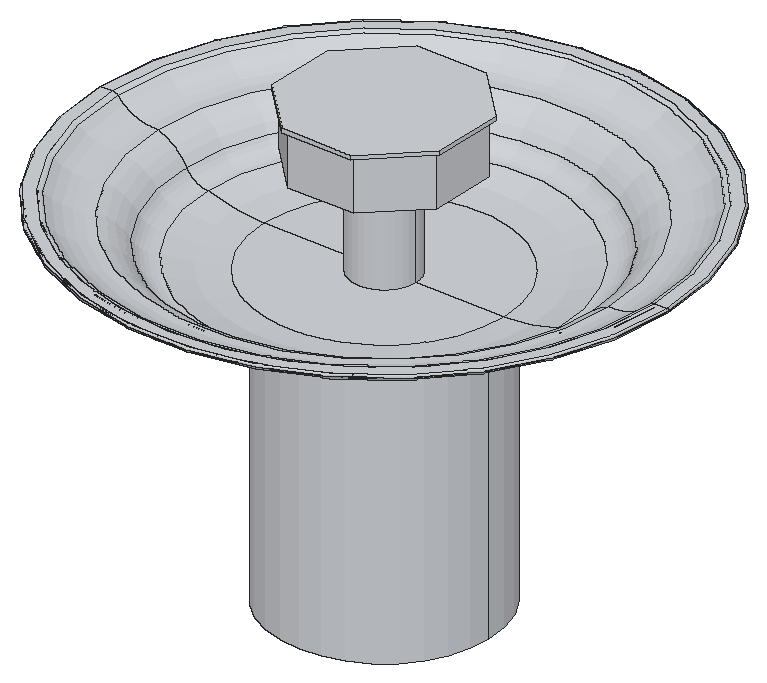
Revit family "Washfountain-Willoughby-WWF-5408-FLR", category Plumbing Fixtures, Revit 2015
Parameters (values of type "Standard")
  Waste DIA = 2"
  Waste Connection = yes
  Vent Connection = no
  URL = "https://www.willoughby-ind.com/wp-content/uploads/2018/01/WAF-5408.pdf"
  Revision = "A"
  Model = "WWF-5408-FLR"
  Manufacturer = "Willoughby Industries"
  HW Connection = yes
  HCW DIA = 1/2"
  Fixture Body = Stainless Steel AISI 304-Willoughby
  Description = "Eight Station Washfountain, Floor Mounted"
  Default Elevation = 0' - 0"
  Contact = "(800) 428-4065"
  CW Connection = yes
Reference planes (in)
  plane 1 "Center (Front/Back)": y = 0
  plane 2: z = 0
  plane 3 "Center (Left/Right)": x = 0
  plane 4: x = -27
  plane 5: x = 27
  plane 6 "Top Pf Sink": z = 34
  plane 7 "Bottom Of Sink": z = 27.5
  plane 8: x = 10
  plane 9: x = -10
  plane 10 "Bottom Of Faucet Head": z = 37.0625
  plane 11 "Faucet Head HGT": z = 41.875
  plane 12 "Top Of Cap": z = 42.25
Forms (in)
  Revolve 1, solid
    sketch origin (0, 0, -20) x (1, 0, 0) y (0, 0, 1)
      loop
        line (-27, 53.83658) -> (-27, 53.7862)
        arc (-27, 53.7862) -> (-26.95279, 53.67221) -> (-26.8388, 53.625) r 0.1612
        line (-26.8388, 53.625) -> (-25.625, 53.625)
        arc (-25.625, 53.625) -> (-23.73121, 52.27152) -> (-21.4375, 51.875) r 5.22415
        arc (-21.4375, 51.875) -> (-20.07609, 51.04401) -> (-19.0625, 49.8125) r 4.79567
        arc (-19.0625, 49.8125) -> (-18.07558, 48.76236) -> (-16.6875, 48.375) r 2.68071
        arc (-16.6875, 48.375) -> (-14.06704, 47.72021) -> (-11.375, 47.5) r 16.56473
        line (-11.375, 47.5) -> (0, 47.5) -> (0, 47.875) -> (-11.375, 47.875)
        arc (-11.375, 47.875) -> (-14.03757, 48.09545) -> (-16.62764, 48.75078) r 16.18973
        arc (-16.62764, 48.75078) -> (-17.85869, 49.06961) -> (-18.73348, 49.99258) r 2.30571
        arc (-18.73348, 49.99258) -> (-19.85977, 51.35263) -> (-21.37804, 52.25438) r 5.17067
        arc (-21.37804, 52.25438) -> (-23.50505, 52.5843) -> (-25.27973, 53.80231) r 4.84915
        arc (-25.27973, 53.80231) -> (-25.48482, 53.94841) -> (-25.73129, 54) r 0.61458
        line (-25.73129, 54) -> (-26.83658, 54)
        arc (-26.83658, 54) -> (-26.95213, 53.95213) -> (-27, 53.83658) r 0.16342
      axis (0, 54) -> (0, 47.5)
    angle from 0 to 360
  Revolve 2, solid
    sketch origin (0, 0, 0) x (1, 0, 0) y (0, 0, 1)
      loop
        line (0, 27.5) -> (-10, 27.5) -> (-10, 0) -> (0, 0) -> (0, 27.5)
      axis (0, 27.5) -> (0, 0)
    angle from 0 to 360
  Revolve 3, solid
    sketch origin (0, 0, 0) x (1, 0, 0) y (0, 0, 1)
      loop
        line (0, 34) -> (0, 37.0625) -> (-3, 37.0625) -> (-3, 27.5) -> (0, 27.5) -> (0, 34)
      axis (0, 37.0625) -> (0, 27.5)
    angle from 0 to 360
  Extrusion 4, solid
    sketch origin (0, 0, 42.25) x (1, 0, 0) y (0, 1, 0)
      loop
        line (-3.3135, 8) -> (-7.9995, 3.314) -> (-7.9995, -3.314) -> (-3.3135, -8) -> (3.3135, -8) -> (7.9995, -3.314) -> (7.9995, 3.314) -> (3.3135, 8) -> (-3.3135, 8)
    from 0 to -0.375
  Extrusion 5, solid
    sketch origin (0, 0, 37.0625) x (1, 0, 0) y (0, 1, 0)
      loop
        line (-3.1065, 7.5) -> (-7.49975, 3.10675) -> (-7.49975, -3.10625) -> (-3.1065, -7.49951) -> (3.1065, -7.49951) -> (7.49975, -3.10625) -> (7.49975, 3.10675) -> (3.1065, 7.5) -> (-3.1065, 7.5)
    from 0 to 4.8125
  Extrusion 6, solid, detail levels medium+fine
    sketch origin (0, 0, 0) x (1, 0, 0) y (0, 1, 0)
      loop
        circle (4, -2) r 1
    from 0 to 3
  Extrusion 7, solid, detail levels medium+fine
    sketch origin (0, 0, 0) x (1, 0, 0) y (0, 1, 0)
      loop
        circle (-2, -2) r 0.25
    from 0 to 3
  Extrusion 8, solid, detail levels medium+fine
    sketch origin (0, 0, 0) x (1, 0, 0) y (0, 1, 0)
      loop
        circle (-2, -6) r 0.25
    from 0 to 3
Lines and regions (in)
  symbolic lines
    curve 1: line (6.92865, 0, 41.875) -> (-6.92865, 0, 41.875)
    curve 2: line (-6.92865, 0, 41.875) -> (-6.92865, 0, 37.0625)
    curve 3: line (-6.92865, 0, 37.0625) -> (6.92865, 0, 37.0625)
    curve 4: line (6.92865, 0, 37.0625) -> (6.92865, 0, 41.875)
    curve 5: line (6.92865, 0, 41.875) -> (7.506, 0, 41.875)
    curve 6: line (7.506, 0, 41.875) -> (7.506, 0, 42.25)
    curve 7: line (7.506, 0, 42.25) -> (-7.506, 0, 42.25)
    curve 8: line (-7.506, 0, 42.25) -> (-7.506, 0, 41.875)
    curve 9: line (-7.506, 0, 41.875) -> (-6.92865, 0, 41.875)
    curve 10: line (-3, 0, 37.0625) -> (-3, 0, 34)
    curve 11: line (3, 0, 37.0625) -> (3, 0, 34)
    curve 12: line (26.87149, 0, 34) -> (-26.83229, 0, 34)
    curve 13: line (-26.83229, 0, 33.61752) -> (26.87149, 0, 33.61752)
    curve 14: arc (26.87149, 0, 33.61752) -> (27.00384, 0, 33.80876) -> (26.87149, 0, 34) r 0.20434
    curve 15: arc (-26.83229, 0, 34) -> (-27.02353, 0, 33.80876) -> (-26.83229, 0, 33.61752) r 0.19124
    curve 16: arc (-25.59331, 0, 33.61752) -> (-23.7164, 0, 32.26691) -> (-21.4375, 0, 31.875) r 5.14341
    curve 17: arc (-21.4375, 0, 31.875) -> (-20.06597, 0, 31.05566) -> (-19.0625, 0, 29.8125) r 4.547
    curve 18: arc (-19.0625, 0, 29.8125) -> (-18.06774, 0, 28.7753) -> (-16.6875, 0, 28.375) r 2.77422
    curve 19: arc (-16.6875, 0, 28.375) -> (-13.38121, 0, 27.65121) -> (-10, 0, 27.5) r 19.83774
    curve 20: line (-10, 0, 27.5) -> (10, 0, 27.5)
    curve 21: arc (10, 0, 27.5) -> (13.38558, 0, 27.6178) -> (16.6875, 0, 28.375) r 17.7964
    curve 22: arc (16.6875, 0, 28.375) -> (18.08141, 0, 28.75272) -> (19.0625, 0, 29.8125) r 2.61603
    curve 23: arc (19.0625, 0, 29.8125) -> (20.07709, 0, 31.04286) -> (21.4375, 0, 31.875) r 4.82202
    curve 24: arc (21.4375, 0, 31.875) -> (23.7314, 0, 32.26527) -> (25.625, 0, 33.61752) r 5.19634
    curve 25: line (-10, 0, 27.5) -> (-10, 0, 0)
    curve 26: line (-10, 0, 0) -> (10, 0, 0)
    curve 27: line (10, 0, 0) -> (10, 0, 27.5)
    curve 28: line (0, 7.5, 41.875) -> (0, -7.49951, 41.875)
    curve 29: line (0, -7.49951, 41.875) -> (0, -7.49951, 37.0625)
    curve 30: line (0, -7.49951, 37.0625) -> (0, 7.5, 37.0625)
    curve 31: line (0, 7.5, 37.0625) -> (0, 7.5, 41.875)
    curve 32: line (0, 7.5, 41.875) -> (0, 8, 41.875)
    curve 33: line (0, 8, 41.875) -> (0, 8, 42.25)
    curve 34: line (0, 8, 42.25) -> (0, -8, 42.25)
    curve 35: line (0, -8, 42.25) -> (0, -8, 41.875)
    curve 36: line (0, -8, 41.875) -> (0, -7.49951, 41.875)
    curve 37: line (0, -3, 37.0625) -> (0, -3, 34)
    curve 38: line (0, 3, 37.0625) -> (0, 3, 34)
    curve 39: line (0, -26.83395, 34) -> (0, 26.91605, 34)
    curve 40: line (0, 26.91605, 33.62562) -> (0, -26.83395, 33.62562)
    curve 41: arc (0, -26.83395, 33.62562) -> (0, -27.02114, 33.81281) -> (0, -26.83395, 34) r 0.18719
    curve 42: arc (0, -25.58395, 33.62562) -> (0, -23.71865, 32.25782) -> (0, -21.4375, 31.875) r 5.00412
    curve 43: arc (0, -21.4375, 31.875) -> (0, -20.07204, 31.04868) -> (0, -19.0625, 29.8125) r 4.69264
    curve 44: arc (0, -19.0625, 29.8125) -> (0, -18.06335, 28.78256) -> (0, -16.6875, 28.375) r 2.83032
    curve 45: arc (0, -16.6875, 28.375) -> (0, -13.38434, 27.62729) -> (0, -10, 27.5) r 18.33134
    curve 46: line (0, -10, 27.5) -> (0, 10, 27.5)
    curve 47: arc (0, 10, 27.5) -> (0, 13.3855, 27.61838) -> (0, 16.6875, 28.375) r 17.82836
    curve 48: arc (0, 16.6875, 28.375) -> (0, 18.06981, 28.77189) -> (0, 19.0625, 29.8125) r 2.74878
    curve 49: arc (0, 19.0625, 29.8125) -> (0, 20.06312, 31.05895) -> (0, 21.4375, 31.875) r 4.48194
    curve 50: arc (0, 21.4375, 31.875) -> (0, 23.7357, 32.26457) -> (0, 25.62805, 33.62562) r 5.16077
    curve 51: line (0, 10, 27.5) -> (0, 10, 0)
    curve 52: line (0, 10, 0) -> (0, -10, 0)
    curve 53: line (0, -10, 0) -> (0, -10, 27.5)
    curve 54: circle (0, 0, 0) r 27 normal (0, 0, 1)
    curve 57: line (-7.9995, 3.314, 0) -> (-3.3135, 8, 0)
    curve 58: line (-3.3135, 8, 0) -> (3.3135, 8, 0)
    curve 59: line (3.3135, 8, 0) -> (7.9995, 3.314, 0)
    curve 60: line (7.9995, 3.314, 0) -> (7.9995, -3.314, 0)
    curve 61: line (7.9995, -3.314, 0) -> (3.3135, -8, 0)
    curve 62: line (3.3135, -8, 0) -> (-3.3135, -8, 0)
    curve 63: line (-3.3135, -8, 0) -> (-7.9995, -3.314, 0)
    curve 64: line (-7.9995, -3.314, 0) -> (-7.9995, 3.314, 0)
    curve 65: line (7.49975, 0, 37.05149) -> (7.49975, 0, 41.875)
    curve 66: line (7.49975, 0, 41.875) -> (-7.506, 0, 41.875)
    curve 67: line (-7.506, 0, 41.875) -> (-7.506, 0, 37.05149)
    curve 68: line (-7.506, 0, 37.05149) -> (7.49975, 0, 37.05149)
    curve 69: line (7.506, 0, 41.875) -> (7.9995, 0, 41.875)
    curve 70: line (7.9995, 0, 41.875) -> (7.9995, 0, 42.25)
    curve 71: line (7.9995, 0, 42.25) -> (-7.9995, 0, 42.25)
    curve 72: line (-7.9995, 0, 42.25) -> (-7.9995, 0, 41.875)
  symbolic lines, detail levels fine
    curve 55: circle (0, 0, 0) r 21.4375 normal (0, 0, 1)
    curve 56: circle (0, 0, 0) r 16.6875 normal (0, 0, 1)
Dimensions and locks (in)
  equal spacing: plane 4, plane 3 "Center (Left/Right)", plane 5
  equal spacing: plane 8, plane 3 "Center (Left/Right)", plane 9, locked at 10 each
  aligned and locked: Revolve 2 sketch curve to Revolve 2 sketch curve  (x3)
  aligned and locked: Revolve 3 sketch curve to Revolve 3 sketch curve  (x2)
  aligned and locked: Extrusion 4 to plane 11 "Faucet Head HGT"
  aligned and locked: plane 12 "Top Of Cap" to Extrusion 4
  aligned and locked: plane 11 "Faucet Head HGT" to Extrusion 5
Automatic sketch dimensions
  Revolve 3 sketch curve to plane 7 "Bottom Of Sink" = 0' - 0"  (x2)
  Revolve 3 sketch curve to plane 3 "Center (Left/Right)" = 0' - 0"
  Revolve 3 sketch curve to plane 6 "Top Pf Sink" = 0' - 0"
  Revolve 3 sketch curve to Revolve 3 sketch curve = 0' - 3"
  plane 6 "Top Pf Sink" to Revolve 3 sketch curve = 0' - 3 1/16"
  Revolve 1 sketch curve to Revolve 1 sketch curve = 0' - 0"  (x9)
  plane 4 to Revolve 1 sketch curve = 0' - 0"
  Revolve 1 sketch curve to plane 6 "Top Pf Sink" = 0' - 0"  (x2)
  Revolve 1 sketch curve to plane 3 "Center (Left/Right)" = 0' - 0"  (x2)
  Revolve 1 sketch curve to plane 7 "Bottom Of Sink" = 0' - 0"  (x2)
  Revolve 1 sketch curve to Revolve 1 sketch curve = 0' - 0.1612"
  Revolve 1 sketch curve to Revolve 1 sketch curve = 0' - 0.00223"
  Revolve 1 sketch curve to Revolve 1 sketch curve = 0' - 1.10529"
  Revolve 1 sketch curve to Revolve 1 sketch curve = 0' - 0.10629"
  Revolve 1 sketch curve to plane 7 "Bottom Of Sink" = 0' - 0.07688"
  Revolve 1 sketch curve to plane 4 = 0' - 3.77945"
  plane 10 "Bottom Of Faucet Head" to Revolve 1 sketch curve = 0' - 0.02918"
  Revolve 1 sketch curve to Revolve 1 sketch curve = 0' - 4.01447"
  Revolve 1 sketch curve to plane 9 = 0' - 6 11/16"
  Revolve 1 sketch curve to plane 9 = 0' - 1 3/8"
  Revolve 1 sketch curve to Revolve 1 sketch curve = 0' - 0 3/8"
  Revolve 1 sketch curve to plane 6 "Top Pf Sink" = 0' - 2.94429"
  Revolve 1 sketch curve to Revolve 1 sketch curve = 0' - 0.61458"
  Revolve 1 sketch curve to Revolve 1 sketch curve = 0' - 0.23958"
  plane 12 "Top Of Cap" to Revolve 1 sketch curve = 0' - 1.81473"
  Revolve 1 sketch curve to Revolve 1 sketch curve = 0' - 3.84223"
  Revolve 1 sketch curve to Revolve 1 sketch curve = 0' - 0.05946"
  Revolve 1 sketch curve to Revolve 1 sketch curve = 0' - 0.32902"
  plane 1 "Center (Front/Back)" to Extrusion 6 sketch curve = 0' - 2"
  plane 3 "Center (Left/Right)" to Extrusion 6 sketch curve = 0' - 4"
  Extrusion 7 sketch curve to plane 3 "Center (Left/Right)" = 0' - 2"
  plane 1 "Center (Front/Back)" to Extrusion 7 sketch curve = 0' - 2"
  Extrusion 8 sketch curve to plane 3 "Center (Left/Right)" = 0' - 2"
  plane 1 "Center (Front/Back)" to Extrusion 8 sketch curve = 0' - 6"
  Extrusion 4 sketch curve to plane 3 "Center (Left/Right)" = 0' - 3.3135"  (x2)
  plane 9 to Extrusion 4 sketch curve = 0' - 2.0005"
  plane 3 "Center (Left/Right)" to Extrusion 4 sketch curve = 0' - 3.3135"  (x2)
  Extrusion 4 sketch curve to plane 8 = 0' - 2.0005"
  plane 1 "Center (Front/Back)" to Extrusion 4 sketch curve = 0' - 3.314"  (x2)
  Extrusion 4 sketch curve to plane 1 "Center (Front/Back)" = 0' - 3.314"  (x2)
  Extrusion 4 sketch curve to Extrusion 4 sketch curve = 0' - 4.686"  (x2)
  Extrusion 5 sketch curve to plane 3 "Center (Left/Right)" = 0' - 3.1065"  (x2)
  plane 9 to Extrusion 5 sketch curve = 0' - 2.50025"
  plane 3 "Center (Left/Right)" to Extrusion 5 sketch curve = 0' - 3.1065"  (x2)
  Extrusion 5 sketch curve to plane 8 = 0' - 2.50025"
  plane 1 "Center (Front/Back)" to Extrusion 5 sketch curve = 0' - 3.10625"  (x2)
  Extrusion 5 sketch curve to plane 1 "Center (Front/Back)" = 0' - 3.10675"  (x2)
  Extrusion 5 sketch curve to Extrusion 5 sketch curve = 0' - 4.39325"  (x2)
  curve 54 to curve 56 = 0' - 0"  (x2)
  curve 55 to curve 56 = 0' - 0"  (x2)
  plane 1 "Center (Front/Back)" to curve 54 = 0' - 0"
  curve 54 to plane 3 "Center (Left/Right)" = 0' - 0"
  curve 62 to plane 3 "Center (Left/Right)" = 0' - 3.3135"
  curve 57 to plane 3 "Center (Left/Right)" = 0' - 3.3135"
  plane 3 "Center (Left/Right)" to curve 61 = 0' - 3.3135"
  plane 3 "Center (Left/Right)" to curve 59 = 0' - 3.3135"
  curve 59 to plane 8 = 0' - 2.0005"
  plane 1 "Center (Front/Back)" to curve 61 = 0' - 3.314"
  plane 1 "Center (Front/Back)" to curve 63 = 0' - 8"
  curve 60 to plane 1 "Center (Front/Back)" = 0' - 3.314"
  curve 58 to plane 1 "Center (Front/Back)" = 0' - 8"
  plane 9 to curve 64 = 0' - 2.0005"
  plane 1 "Center (Front/Back)" to curve 64 = 0' - 3.314"
  curve 57 to plane 1 "Center (Front/Back)" = 0' - 3.314"
  curve 15 to plane 6 "Top Pf Sink" = 0' - 0"
  curve 19 to plane 7 "Bottom Of Sink" = 0' - 0"
  curve 19 to plane 9 = 0' - 0"
  curve 72 to plane 11 "Faucet Head HGT" = 0' - 0"
  curve 71 to plane 12 "Top Of Cap" = 0' - 0"
  curve 8 to plane 11 "Faucet Head HGT" = 0' - 0"
  curve 7 to plane 12 "Top Of Cap" = 0' - 0"
  curve 3 to plane 10 "Bottom Of Faucet Head" = 0' - 0"
  curve 20 to plane 8 = 0' - 0"
  curve 25 to level = 0' - 0"
  curve 19 to plane 9 = 0' - 0.80755"
  curve 18 to plane 9 = 0' - 6.63125"
  curve 16 to plane 10 "Bottom Of Faucet Head" = 0' - 0.05227"
  curve 16 to plane 4 = 0' - 5.27247"
  plane 7 "Bottom Of Sink" to curve 17 = 0' - 0.12253"
  curve 17 to plane 4 = 0' - 3.95262"
  curve 12 to plane 4 = 0' - 0.16771"
  plane 9 to curve 8 = 0' - 2.494"
  curve 8 to curve 9 = 0' - 0.57735"
  curve 5 to plane 8 = 0' - 3.07135"
  curve 68 to plane 10 "Bottom Of Faucet Head" = 0' - 0.01101"
  curve 3 to curve 68 = 0' - 0.5711"
  curve 65 to curve 6 = 0' - 0.00625"
  curve 6 to curve 71 = 0' - 0.4935"
  plane 8 to curve 21 = 0' - 1.07676"
  plane 8 to curve 22 = 0' - 6.72683"
  plane 10 "Bottom Of Faucet Head" to curve 24 = 0' - 0.00031"
  plane 5 to curve 24 = 0' - 5.26498"
  curve 23 to plane 7 "Bottom Of Sink" = 0' - 0.09793"
  plane 5 to curve 23 = 0' - 3.76117"
  plane 5 to curve 14 = 0' - 0.20051"
  plane 5 to curve 13 = 0' - 0.12851"
  plane 5 to curve 12 = 0' - 0.12851"
  curve 22 to plane 6 "Top Pf Sink" = 0' - 3.00927"
  curve 18 to plane 6 "Top Pf Sink" = 0' - 2.85136"
  curve 13 to curve 15 = 0' - 0.38248"
  plane 12 "Top Of Cap" to curve 21 = 0' - 3.01379"
  plane 12 "Top Of Cap" to curve 19 = 0' - 5.0713"
  plane 7 "Bottom Of Sink" to curve 19 = 0' - 0 7/8"
  curve 17 to curve 18 = 0' - 0"
  curve 16 to plane 6 "Top Pf Sink" = 0' - 2 1/8"
  curve 72 to curve 7 = 0' - 0.4935"
  curve 10 to plane 3 "Center (Left/Right)" = 0' - 3"
  plane 3 "Center (Left/Right)" to curve 11 = 0' - 3"
  plane 7 "Bottom Of Sink" to curve 21 = 0' - 0 7/8"
  plane 7 "Bottom Of Sink" to curve 23 = 0' - 2 5/16"
  curve 23 to plane 6 "Top Pf Sink" = 0' - 2 1/8"
  curve 41 to plane 6 "Top Pf Sink" = 0' - 0"
  curve 46 to plane 7 "Bottom Of Sink" = 0' - 0"
  curve 52 to level = 0' - 0"
  curve 34 to plane 12 "Top Of Cap" = 0' - 0"
  curve 35 to plane 11 "Faucet Head HGT" = 0' - 0"
  curve 29 to plane 10 "Bottom Of Faucet Head" = 0' - 0"
  curve 40 to plane 6 "Top Pf Sink" = 0' - 0.37438"
  plane 1 "Center (Front/Back)" to curve 40 = 2' - 2.83395"
  plane 7 "Bottom Of Sink" to curve 43 = 0' - 0.00558"
  curve 41 to curve 43 = 0' - 3.68501"
  curve 42 to plane 10 "Bottom Of Faucet Head" = 0' - 0.19459"
  curve 39 to curve 42 = 0' - 5.06167"
  curve 43 to curve 44 = 0' - 6.55113"
  plane 12 "Top Of Cap" to curve 45 = 0' - 3.55371"
  plane 1 "Center (Front/Back)" to curve 45 = 0' - 11.00611"
  curve 44 to curve 46 = 0' - 6.59781"
  curve 45 to curve 34 = 0' - 3.00611"
  curve 35 to curve 29 = 0' - 0.50049"
  curve 30 to plane 1 "Center (Front/Back)" = 0' - 7 1/2"
  curve 31 to curve 32 = 0' - 0 1/2"
  curve 30 to curve 51 = 0' - 2 1/2"
  curve 33 to curve 47 = 0' - 3.07254"
  curve 48 to plane 6 "Top Pf Sink" = 0' - 2.87653"
  curve 47 to curve 48 = 0' - 6.64648"
  curve 50 to plane 10 "Bottom Of Faucet Head" = 0' - 0.03598"
  curve 48 to curve 50 = 0' - 5.09989"
  plane 7 "Bottom Of Sink" to curve 49 = 0' - 0.17493"
  curve 48 to curve 49 = 0' - 6.35538"
  curve 44 to plane 6 "Top Pf Sink" = 0' - 2.7961"
  plane 12 "Top Of Cap" to curve 47 = 0' - 3.04607"
  curve 40 to curve 42 = 0' - 1 1/4"
  curve 43 to plane 6 "Top Pf Sink" = 0' - 2 1/8"
  curve 44 to curve 43 = 0' - 0"
  plane 1 "Center (Front/Back)" to curve 37 = 0' - 3"
  curve 38 to plane 1 "Center (Front/Back)" = 0' - 3"
  plane 7 "Bottom Of Sink" to curve 47 = 0' - 0 7/8"
  curve 49 to curve 48 = 0' - 0"
  curve 50 to plane 6 "Top Pf Sink" = 0' - 2 1/8"
  curve 50 to curve 39 = 0' - 1.288"
  curve 40 to curve 39 = 0' - 0"
  Revolve 2 sketch curve to plane 7 "Bottom Of Sink" = 0' - 0"
  Revolve 2 sketch curve to plane 9 = 0' - 0"
  Revolve 2 sketch curve to plane 3 "Center (Left/Right)" = 0' - 0"
  Revolve 2 sketch curve to level = 0' - 0"
  radius of Extrusion 6 sketch curve = 0' - 1"
  radius of Extrusion 7 sketch curve = 0' - 0 1/4"
  radius of Extrusion 8 sketch curve = 0' - 0 1/4"
  radius of curve 54 = 2' - 3"
  radius of curve 55 = 1' - 9 7/16"
  radius of curve 56 = 1' - 4 11/16"
Connectors (in)
  piping at (-2, -6, 0), diameter 0.5, driven by "HCW DIA", driven by "HW Connection"
    settings: on Extrusion 8, index 1, connector inside diameter 24", connector length 0' - 0", flow factor 0, pipe flow 0.5 GPM, pressure drop 0.00 psi, fitting loss kfactor 0, connector angle 0.00°, fixture units 0, engagement length 0' - 0", angle of deflection 0.00°, flow configuration 0, flow direction 1, fitting loss method 0, system type 19, joint type 0, gender type 0, connector reference index -1, connector utility 1, adjustable connector no, is connector primary yes, connector description "HW Inlet"
  piping at (-2, -2, 0), diameter 0.5, driven by "HCW DIA", driven by "CW Connection"
    settings: on Extrusion 7, index 2, connector inside diameter 24", connector length 0' - 0", flow factor 0, pipe flow 0.5 GPM, pressure drop 0.00 psi, fitting loss kfactor 0, connector angle 0.00°, fixture units 0, engagement length 0' - 0", angle of deflection 0.00°, flow configuration 0, flow direction 1, fitting loss method 0, system type 20, joint type 0, gender type 0, connector reference index -1, connector utility 1, adjustable connector no, is connector primary no, connector description "CW Inlet"
  piping at (4, -2, 3), diameter 2
    settings: on Extrusion 6, index 3, connector inside diameter 24", connector length 0' - 0", flow factor 0, pipe flow 0 GPM, pressure drop 0.00 psi, fitting loss kfactor 0, connector angle 0.00°, fixture units 0, engagement length 0' - 0", angle of deflection 0.00°, flow configuration 0, flow direction 0, fitting loss method 0, system type 7, joint type 0, gender type 0, connector reference index -1, connector utility 0, adjustable connector no, is connector primary no, connector description ""
